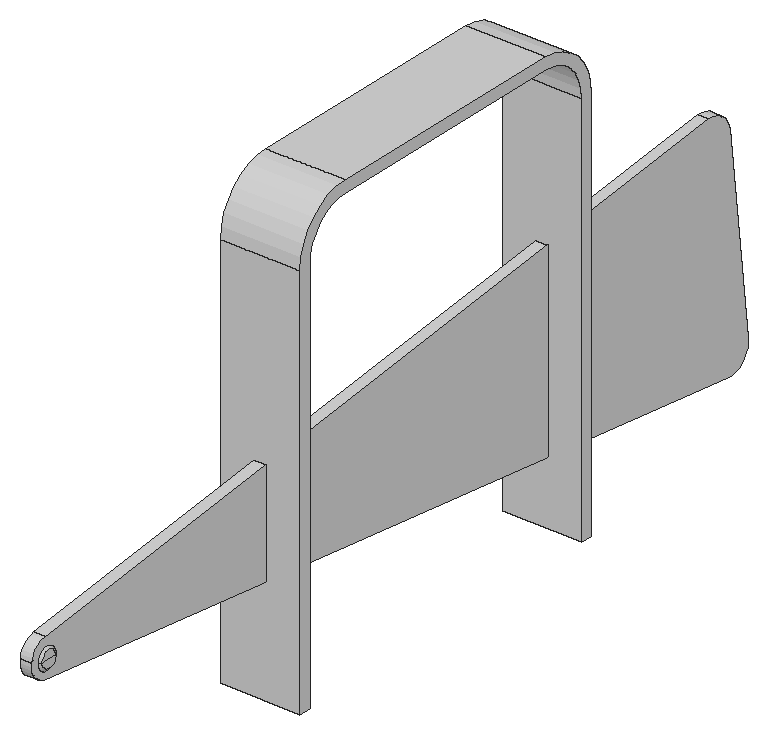
Revit family "EHL_CLAMP SP-EP_2170356", category Generic Models, Revit 2018
Family settings
  Can host rebar = No
  Round Connector Dimension = Use Diameter
  Part Type = Normal
  OmniClass Number = 35.51.14.00
  OmniClass Title = FORMWORK
  Work Plane-Based = Yes
  Always vertical = No
  Cut with Voids When Loaded = No
  Shared = Yes
  Room Calculation Point = No
Parameters
  VERSION = "20170217"  # constant formula
  URL = "www.ulmaconstruction.com/en"
  UNICLASS = ""
  Manufacturer = "ULMA CONSTRUCTION"  # constant formula
  ITEM_CODE = "2170356"
  FILTER [instance] = ""
  Default Elevation = 0.000 mm
  CLASSIFICATION_TITLE = ""
  CLASSIFICATION_NUMBER = ""
Reference planes
  plane 1 "Centro (Frontal/Posterior)": y = 0
  plane 2: z = 0
  plane 3 "Centro (Izquierda/Derecha)": x = 0
Forms (mm)
  Extrusion 1, solid, material "ULMA ZINC"
    sketch origin (0, 0, 0) x (0, 1, 0) y (0, 0, 1)
      loop
        line (-55, 0) -> (55, 0)
        arc (55, 0) -> (69.142, -5.858) -> (75, -20) r 20
        line (75, -20) -> (75, -195) -> (80, -195) -> (80, -20)
        arc (80, -20) -> (72.678, -2.322) -> (55, 5) r 25
        line (55, 5) -> (-55, 5)
        arc (-55, 5) -> (-72.678, -2.322) -> (-80, -20) r 25
        line (-80, -20) -> (-80, -195) -> (-75, -195) -> (-75, -20)
        arc (-75, -20) -> (-69.142, -5.858) -> (-55, 0) r 20
    from -17.5 to 17.5
  Extrusion 2, solid, material "ULMA ZINC"
    sketch origin (0, 0, 0) x (0, 1, 0) y (0, 0, 1)
      loop
        spline (163.962, -72.624) -> (165.267, -72.554) -> (166.571, -72.655) -> (167.85, -72.926) -> (169.083, -73.361) -> (170.248, -73.954) -> (171.327, -74.694) -> (172.299, -75.568) -> (173.149, -76.562) -> (173.862, -77.658) -> (174.426, -78.839) -> (174.832, -80.082) -> (175.071, -81.368)
        line (175.071, -81.368) -> (185.399, -168)
        spline (185.399, -168) -> (185.465, -169.507) -> (185.302, -171.007) -> (184.917, -172.465) -> (184.316, -173.848) -> (183.515, -175.126) -> (182.53, -176.268) -> (181.385, -177.249) -> (180.106, -178.047) -> (178.721, -178.643) -> (177.263, -179.023) -> (175.764, -179.18) -> (174.255, -179.131)
        line (174.255, -179.131) -> (-202.106, -132.892)
        spline (-202.106, -132.892) -> (-203.163, -132.689) -> (-204.183, -132.346) -> (-205.148, -131.869) -> (-206.04, -131.267) -> (-206.843, -130.55) -> (-207.543, -129.732) -> (-208.126, -128.827) -> (-208.583, -127.852) -> (-208.905, -126.825) -> (-209.086, -125.764) -> (-209.123, -124.688) -> (-209.015, -123.616)
        spline (-209.015, -123.616) -> (-208.883, -122.661) -> (-208.638, -121.729) -> (-208.282, -120.833) -> (-207.821, -119.986) -> (-207.262, -119.201) -> (-206.612, -118.489) -> (-205.881, -117.86) -> (-205.081, -117.324) -> (-204.221, -116.888) -> (-203.315, -116.559) -> (-202.377, -116.341) -> (-201.418, -116.238)
        line (-201.418, -116.238) -> (163.955, -72.562)
    from -2.5 to 2.5
  Revolve 3, solid, material "ULMA ZINC"
    sketch origin (0, 0, -125) x (1, 0, 0) y (0, 1, 0)
      loop
        line (3.6, -201.015) -> (3.6, -197.265) -> (2.75, -196.265) -> (-2.75, -196.265) -> (-3.6, -197.265) -> (-3.6, -201.015) -> (3.6, -201.015)
      axis (-3.6, -201.015) -> (3.6, -201.015)
    angle from 0 to 360
Dimensions and locks
  aligned and locked: level to plane 2
